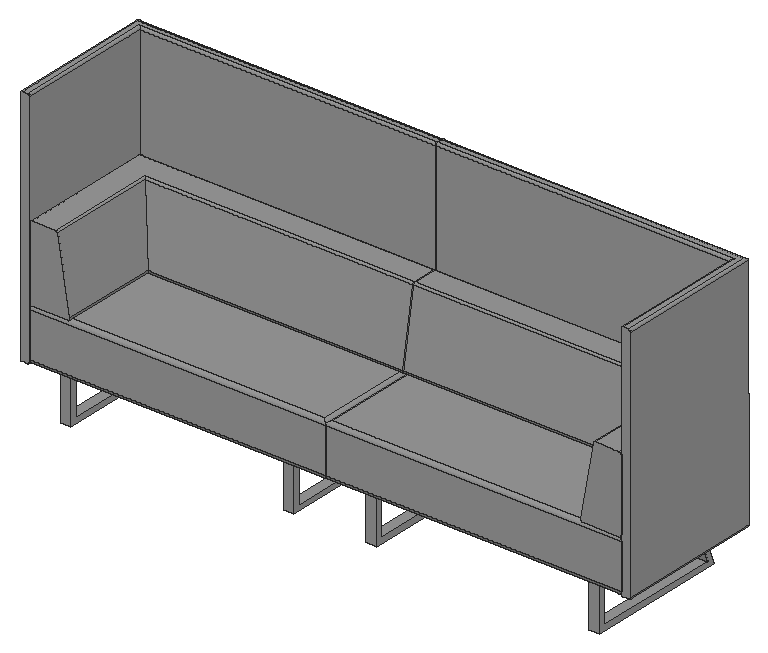
Revit family "TP4H - TP4L", category Furniture, Revit 2016
Family settings
  OmniClass Number = 23.40.20.00
  OmniClass Title = General Furniture and Specialties
  Work Plane-Based = No
  Always vertical = Yes
  Cut with Voids When Loaded = No
  Shared = No
  Room Calculation Point = No
Parameters (values of type "TP4H-K")
  URL = "www.gof.co.uk"
  Seat = GABRIEL Byron_02101
  Range = "SEATING"
  Product Data Specification = "https://gof.co.uk/wp-content/uploads/2016/02/Take-Off-Task-Product-Data-Sheet.compressed.pdf"
  Product Code = "TP4H-K"
  Product Brochure = "https://gof.co.uk/wp-content/uploads/2016/04/Take_Off_Reception_Brochure_2016.pdf"
  Model = "TAKE OFF PLUS"
  Manufacturer = "Gresham Office Furniture"  # constant formula
  Low Surround = GABRIEL Byron_02101
  Low Surround (Vis) = no
  High Surround (Vis) = yes
  High Surround = GABRIEL Byron_02101
  Circular Leg Frame = no
  Back = GABRIEL Byron_04101
  Angled Base Frame = yes
Types (5, lengths in mm): name | Product Code | Low Surround (Vis) | High Surround (Vis) | Circular Leg Frame | Angled Base Frame
  (no name) | "TP4H-K" | no | yes | no | yes
  TP4L-K | "TP4L-K" | yes | no | no | yes
  TP4H-K | "TP4H-K" | no | yes | no | yes
  TP4H-4 | "TP4H-4" | no | yes | yes | no
  TP4L-4 | "TP4L-4" | yes | no | yes | no
Reference planes
  plane 1 "Center (Front/Back)": y = 0
  plane 2: z = 0
  plane 3 "Center (Left/Right)": x = 0
  plane 4: y = 347.5
  plane 5: x = 1446
  plane 6: x = -1446
  plane 7 "Right Inner": x = 1401
  plane 8 "Left Inner": x = -1401
  plane 9: y = 302.5
  plane 10: y = -347.5
  plane 11: z = 1360
Dimensions and locks
  locked: plane 7 "Right Inner" to plane 5 at 45
  locked: plane 6 to plane 8 "Left Inner" at 45
  locked: plane 9 to plane 4 at 45
  locked: plane 10 to plane 4 at 695
  equal spacing: plane 10, plane 1 "Center (Front/Back)", plane 4
  plane 6 to plane 3 "Center (Left/Right)" to plane 5 = 1446 mm, 1446 mm
  plane 11 to level = 1360 mm
  aligned and locked: level to plane 2
Nested families
  nested 1: "TP4H - TP4L Component" at (-723, 0, 0), type "TP4H-K"
  nested 2: "TP4H - TP4L Component" at (723, 0, 0) x (-1, 0, 0) z (0, 0, 1), type "TP4H-K"
Definition of nested family "TP4H - TP4L Component"
  Parameters (values of type "TP4H-K")
    URL = "www.gof.co.uk"
    Seat = none
    Range = "SEATING"
    Product Data Specification = "https://gof.co.uk/wp-content/uploads/2016/02/Take-Off-Task-Product-Data-Sheet.compressed.pdf"
    Product Code = "TP4H-K"
    Product Brochure = "https://gof.co.uk/wp-content/uploads/2016/04/Take_Off_Reception_Brochure_2016.pdf"
    Model = "TAKE OFF PLUS"
    Manufacturer = "Gresham Office Furniture"  # constant formula
    Low Surround = none
    Low Surround (Vis) = no
    High Surround (Vis) = yes
    High Surround = none
    Circular Leg Frame = no
    Back = none
    Angled Base Frame = yes
  Types (5, lengths in mm): name | Product Code | Low Surround (Vis) | High Surround (Vis) | Circular Leg Frame | Angled Base Frame
    (no name) | "TP4H-K" | no | yes | no | yes
    TP4L-K | "TP4L-K" | yes | no | no | yes
    TP4H-K | "TP4H-K" | no | yes | no | yes
    TP4H-4 | "TP4H-4" | no | yes | yes | no
    TP4L-4 | "TP4L-4" | yes | no | yes | no
  Reference planes
    plane 1 "Center (Front/Back)": y = 0
    plane 2: z = 0
    plane 3 "Center (Left/Right)": x = 0
    plane 4: y = 347.5
    plane 5: x = 723
    plane 6: x = -723
    plane 7 "Right Inner": x = 678
    plane 8 "Left Inner": x = -678
    plane 9: y = 302.5
    plane 10: y = -347.5
  Forms (mm)
    Extrusion 1, solid, material <- "Seat"
      sketch origin (0, 0, 215) x (0, 1, 0) y (-1, 0, 0)
        loop
          line (302.5, 678) -> (-347.5, 678) -> (-347.5, -723) -> (302.5, -723) -> (302.5, 678)
      from 0 to 250
    Sweep 2, solid, material <- "Back"
      path in 3D
        loop
          line (-678, -347.5, 465) -> (-678, 302.5, 465) -> (723, 302.5, 465)
      profile origin (22.5, 302.5, 465) x (0, 1, 0) y (0, 0, 1)
        loop
          line (-132.43, 351.697) -> (-190.985, 11.697)
          arc (-190.985, 11.697) -> (-188.778, 3.557) -> (-181.131, 0) r 10
          line (-181.131, 0) -> (-10, 0)
          arc (-10, 0) -> (-2.929, 2.929) -> (0, 10) r 10
          line (0, 10) -> (0, 350)
          arc (0, 350) -> (-2.929, 357.071) -> (-10, 360) r 10
          line (-10, 360) -> (-122.575, 360)
          arc (-122.575, 360) -> (-129.018, 357.648) -> (-132.43, 351.697) r 10
    Sweep 3, solid, material <- "High Surround", visible <- "Low Surround (Vis)"
      path in 3D
        loop
          line (-678, -347.5, 465) -> (-678, 302.5, 465) -> (723, 302.5, 465)
      profile origin (22.5, 302.5, 465) x (0, 1, 0) y (0, 0, 1)
        loop
          arc (10, 360) -> (2.929, 357.071) -> (0, 350) r 10
          line (0, 350) -> (0, -240)
          arc (0, -240) -> (2.929, -247.071) -> (10, -250) r 10
          line (10, -250) -> (35, -250)
          arc (35, -250) -> (42.071, -247.071) -> (45, -240) r 10
          line (45, -240) -> (45, 350)
          arc (45, 350) -> (42.071, 357.071) -> (35, 360) r 10
          line (35, 360) -> (10, 360)
    Sweep 4, solid, material <- "High Surround", visible <- "High Surround (Vis)"
      path in 3D
        loop
          line (-678, -347.5, 1000) -> (-678, 302.5, 1000) -> (723, 302.5, 1000)
      profile origin (22.5, 302.5, 1000) x (0, 1, 0) y (0, 0, 1)
        loop
          arc (10, 360) -> (2.929, 357.071) -> (0, 350) r 10
          line (0, 350) -> (0, -775)
          arc (0, -775) -> (2.929, -782.071) -> (10, -785) r 10
          line (10, -785) -> (35, -785)
          arc (35, -785) -> (42.071, -782.071) -> (45, -775) r 10
          line (45, -775) -> (45, 350)
          arc (45, 350) -> (42.071, 357.071) -> (35, 360) r 10
          line (35, 360) -> (10, 360)
    Sweep 5, void
      path in 3D
        loop
          line (723, -347.5, 465) -> (723, 302.5, 465) -> (-678, 302.5, 465) -> (-678, -347.5, 465) -> (723, -347.5, 465)
      profile origin (22.5, -347.5, 465) x (0, 1, 0) y (0, 0, 1)
        loop
          line (0, 0) -> (0, -20)
          arc (0, -20) -> (5.858, -5.858) -> (20, 0) r 20
          line (20, 0) -> (0, 0)
    Sweep 6, void
      path in 3D
        loop
          line (723, -347.5, 215) -> (723, 302.5, 215) -> (-678, 302.5, 215) -> (-678, -347.5, 215) -> (723, -347.5, 215)
      profile origin (22.5, -347.5, 215) x (0, -1, 0) y (0, 0, -1)
        loop
          line (0, 0) -> (-20, 0)
          arc (-20, 0) -> (-5.858, -5.858) -> (0, -20) r 20
          line (0, -20) -> (0, 0)
  Cuts and joins
    Sweep 5, Sweep 6 cuts Sweep 4
    Sweep 5, Sweep 6 cuts Extrusion 1
    Sweep 5, Sweep 6 cuts Sweep 2
  Lines and regions (mm)
    sketch lines
      curve 1: line (-678, 302.5, 465) -> (723, 302.5, 465)
      curve 2: line (-678, -347.5, 465) -> (-678, 302.5, 465)
      curve 3: line (-678, 302.5, 465) -> (723, 302.5, 465)
      curve 4: line (-678, -347.5, 465) -> (-678, 302.5, 465)
      curve 5: line (-678, 302.5, 1000) -> (723, 302.5, 1000)
      curve 6: line (-678, -347.5, 1000) -> (-678, 302.5, 1000)
      curve 7: line (-678, -347.5, 465) -> (723, -347.5, 465)
      curve 8: line (723, -347.5, 465) -> (723, 302.5, 465)
      curve 9: line (-678, 302.5, 465) -> (-678, -347.5, 465)
      curve 10: line (723, 302.5, 465) -> (-678, 302.5, 465)
      curve 11: line (-678, -347.5, 215) -> (723, -347.5, 215)
      curve 12: line (723, -347.5, 215) -> (723, 302.5, 215)
      curve 13: line (-678, 302.5, 215) -> (-678, -347.5, 215)
      curve 14: line (723, 302.5, 215) -> (-678, 302.5, 215)
  Dimensions and locks
    plane 6 to plane 5 = 1446 mm
    locked: plane 7 "Right Inner" to plane 5 at 45
    locked: plane 6 to plane 8 "Left Inner" at 45
    locked: plane 9 to plane 4 at 45
    locked: plane 10 to plane 4 at 695
    equal spacing: plane 10, plane 1 "Center (Front/Back)", plane 4
    locked: nested 1 to plane 5 at 170
    locked: nested 1 to plane 10 at 26
    locked: plane 6 to nested 2 at 170
    locked: nested 2 to plane 10 at 26
    locked: nested 3 to plane 5 at 62.5
    locked: nested 3 to plane 10 at 20
    locked: plane 6 to nested 4 at 62.5
    locked: nested 4 to plane 10 at 20
    plane 6 to plane 3 "Center (Left/Right)" to plane 5 = 723 mm, 723 mm
    aligned and locked: level to plane 2
  Automatic sketch dimensions
    Extrusion 1 sketch curve to plane 8 "Left Inner" = 0 mm
    Extrusion 1 sketch curve to plane 10 = 0 mm
    Extrusion 1 sketch curve to plane 9 = 0 mm
    plane 7 "Right Inner" to Extrusion 1 sketch curve = 45 mm
    Sweep 2 sketch curve to profile plane = 0 mm  (x2)
    profile plane to Sweep 2 sketch curve = 10 mm  (x2)
    Sweep 2 sketch curve to Sweep 2 sketch curve = 10 mm  (x2)
    Sweep 2 sketch curve to Sweep 2 sketch curve = 112.575 mm
    Sweep 2 sketch curve to Sweep 2 sketch curve = 9.855 mm
    Sweep 2 sketch curve to Sweep 2 sketch curve = 171.131 mm
    profile plane to Sweep 2 sketch curve = 11.697 mm
    Sweep 2 sketch curve to Sweep 2 sketch curve = 340 mm
    profile plane to Sweep 3 sketch curve = 0 mm
    Sweep 3 sketch curve to profile plane = 10 mm  (x2)
    Sweep 3 sketch curve to Sweep 3 sketch curve = 25 mm  (x2)
    Sweep 3 sketch curve to Sweep 3 sketch curve = 10 mm
    Sweep 3 sketch curve to profile plane = 250 mm
    profile plane to Sweep 3 sketch curve = 350 mm
    profile plane to Sweep 4 sketch curve = 0 mm
    Sweep 4 sketch curve to profile plane = 10 mm  (x2)
    Sweep 4 sketch curve to Sweep 4 sketch curve = 25 mm  (x2)
    Sweep 4 sketch curve to Sweep 4 sketch curve = 10 mm
    Sweep 4 sketch curve to profile plane = 785 mm
    profile plane to Sweep 4 sketch curve = 350 mm
    Sweep 5 sketch curve to profile plane = 0 mm  (x2)
    Sweep 5 sketch curve to Sweep 5 sketch curve = 20 mm
    profile plane to Sweep 6 sketch curve = 0 mm
    Sweep 6 sketch curve to profile plane = 0 mm
    Sweep 6 sketch curve to Sweep 6 sketch curve = 20 mm
  Nested families
    nested 1: "Angled Base Frame" at (-122, -83, 0), visible <- "Angled Base Frame", type "Angled Base Frame"
    nested 2: "Angled Base Frame" at (122, -83, 0) x (-1, 0, 0) z (0, 0, 1), visible <- "Angled Base Frame", type "Angled Base Frame"
    nested 3: "Circular Leg Frame" at (-122, -83, 0), visible <- "Circular Leg Frame", type "Circular Leg Frame"
    nested 4: "Circular Leg Frame" at (122, -83, 0) x (-1, 0, 0) z (0, 0, 1), visible <- "Circular Leg Frame", type "Circular Leg Frame"
  Definition of nested family "Angled Base Frame"
    Parameters (values of type "Angled Base Frame")
      Width = 1690 mm
      URL = "www.gof.co.uk"
      Range = "TAKE OFF PLUS"
      Product Code = ""
      Manufacturer = "Gresham Office Funiture"  # constant formula
      Frame = none
    Reference planes
      plane 1 "Center (Front/Back)": y = 83
      plane 2: z = 0
      plane 3 "Center (Left/Right)": x = 0
      plane 4: x = -845
      plane 5: x = 845
      plane 6: y = 430.5
      plane 7: y = -264.5
    Forms (mm)
      Extrusion 1, solid, material <- "Frame"
        sketch origin (675, 334.886, 702) x (0, -1, 0) y (0, 0, 1)
          loop
            line (-101.614, -702) -> (573.386, -702) -> (573.386, -487) -> (-23.614, -487) -> (-101.614, -702)
          loop
            line (548.386, -677) -> (548.386, -512) -> (-6.089, -512) -> (-65.95, -677) -> (548.386, -677)
        from 0 to 50
    Dimensions and locks
      "Width": plane 4 to plane 5
      locked: plane 6 to plane 7 at 695
      equal spacing: plane 4, plane 3 "Center (Left/Right)", plane 5
      Extrusion 1 sketch curve to Extrusion 1 sketch curve = 25 mm  (x2)
      Extrusion 1 sketch curve to Extrusion 1 sketch curve = 675 mm
      Extrusion 1 sketch curve to Extrusion 1 sketch curve = 597 mm
      locked: Extrusion 1 to plane 5 at 170
      locked: Extrusion 1 to plane 7 at 26
      equal spacing: plane 6, plane 1 "Center (Front/Back)", plane 7
      aligned and locked: level to plane 2
    Automatic sketch dimensions
      Extrusion 1 sketch curve to level = 0 mm
      plane 6 to Extrusion 1 sketch curve = 6 mm
      Extrusion 1 sketch curve to plane 6 = 29.664 mm
      Extrusion 1 sketch curve to Extrusion 1 sketch curve = 17.525 mm
      level to Extrusion 1 sketch curve = 25 mm
      Extrusion 1 sketch curve to Extrusion 1 sketch curve = 165 mm
  Definition of nested family "Circular Leg Frame"
    Parameters (values of type "Circular Leg Frame")
      Width = 1690 mm
      URL = "www.gof.co.uk"
      Range = "TAKE OFF PLUS"
      Product Code = ""
      Manufacturer = "Gresham Office Funiture"  # constant formula
      Frame = none
      Foot = none
    Reference planes
      plane 1 "Center (Front/Back)": y = 83
      plane 2: z = 0
      plane 3 "Center (Left/Right)": x = 0
      plane 4: x = -845
      plane 5: x = 845
      plane 6: y = 430.5
      plane 7: y = -264.5
    Forms (mm)
      Extrusion 1, solid, material <- "Frame"
        sketch origin (770, 353.886, 702) x (0, -1, 0) y (0, 0, 1)
          loop
            line (553.386, -487) -> (-26.614, -487) -> (-26.614, -537) -> (553.386, -537) -> (553.386, -487)
        from 0 to 25
      Extrusion 2, solid, material <- "Frame"
        sketch origin (0, -25, 5) x (-1, 0, 0) y (0, -1, 0)
          loop
            circle (-757.5, 194.5) r 25
        from 0 to 210
      Extrusion 3, solid, material <- "Frame"
        sketch origin (0, 239, 5) x (-1, 0, 0) y (0, -1, 0)
          loop
            circle (-757.5, -161.5) r 25
        from 0 to 210
      Extrusion 4, solid, material <- "Foot"
        sketch origin (0, 0, 0) x (1, 0, 0) y (0, 1, 0)
          loop
            circle (757.5, -219.5) r 15
        from 0 to 5
      Extrusion 5, solid, material <- "Foot"
        sketch origin (0, 199, 0) x (1, 0, 0) y (0, 1, 0)
          loop
            circle (757.5, 201.5) r 15
        from 0 to 5
    Cuts and joins
      joined: Extrusion 1, Extrusion 2, Extrusion 3
    Dimensions and locks
      "Width": plane 4 to plane 5
      locked: plane 6 to plane 7 at 695
      equal spacing: plane 4, plane 3 "Center (Left/Right)", plane 5
      Extrusion 1 sketch curve to Extrusion 1 sketch curve = 50 mm
      locked: Extrusion 1 to plane 5 at 75
      locked: Extrusion 2 to plane 7 at 20
      Extrusion 2 to plane 7 = 70 mm
      locked: plane 6 to Extrusion 3 at 5
      plane 6 to Extrusion 5 = 15 mm
      Extrusion 4 to plane 7 = 45 mm
      plane 6 to Extrusion 5 = 30 mm
      equal spacing: plane 6, plane 1 "Center (Front/Back)", plane 7
      aligned and locked: level to plane 2
      aligned and locked: Extrusion 2 to Extrusion 1
    Automatic sketch dimensions
      Extrusion 1 sketch curve to plane 6 = 50 mm
      plane 7 to Extrusion 1 sketch curve = 65 mm
      level to Extrusion 1 sketch curve = 165 mm
      plane 5 to Extrusion 2 sketch curve = 87.5 mm
      plane 7 to Extrusion 2 sketch curve = 45 mm
      plane 6 to Extrusion 3 sketch curve = 30 mm
      Extrusion 3 sketch curve to plane 5 = 87.5 mm
      plane 5 to Extrusion 4 sketch curve = 87.5 mm
      plane 7 to Extrusion 4 sketch curve = 45 mm
      plane 6 to Extrusion 5 sketch curve = 30 mm
      Extrusion 5 sketch curve to plane 5 = 87.5 mm
      radius of Extrusion 2 sketch curve = 25 mm
      radius of Extrusion 3 sketch curve = 25 mm
      radius of Extrusion 4 sketch curve = 15 mm
      radius of Extrusion 5 sketch curve = 15 mm
